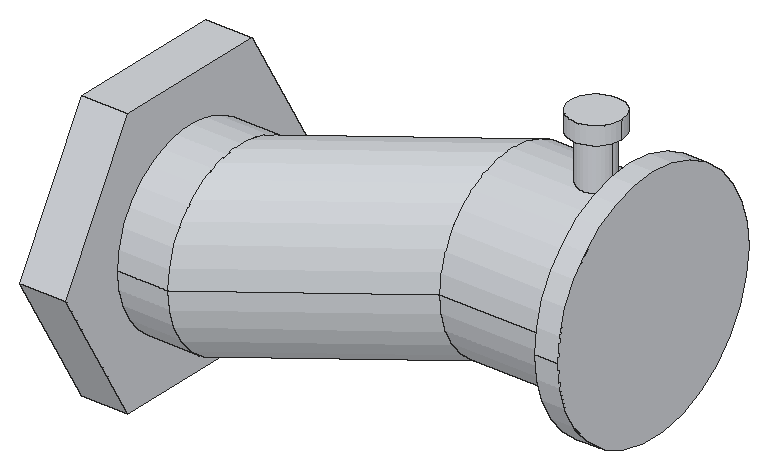
Revit family "d84566316aba4efa8c5ee2770ceb1273", category Conduit Fittings, Revit 2021
Family settings
  Round Connector Dimension = Use Radius
  Part Type = Multi Port
  OmniClass Number = 23.80.30.17.11
  OmniClass Title = Conduits
  Work Plane-Based = No
  Always vertical = Yes
  Cut with Voids When Loaded = No
  Shared = No
Parameters (values of type "Standard")
  Thread Length [instance] = 0.2 * Length  # 0.4"
  Radius 2 [instance] = 0.75 * Length 8  # 0.10045"
  Radius 1 [instance] = 0.5 * Length 8  # 0.06696"
  Offset [instance] = 1/2"
  Nut Thickness [instance] = Fitting Outside Radius / 2  # 23/128"
  Length 9 [instance] = Length 7 * sin(30.00°)  # 39/128"
  Length 8 [instance] = End Outside Diameter / 7  # 0.13393"
  Length 10 [instance] = 0.15 * End Outside Radius  # 9/128"
  End Thickness [instance] = Fitting Outside Radius / 4  # 23/256"
  End Outside Radius [instance] = End Outside Diameter / 2  # 15/32"
  End Outside Diameter [instance] = size_lookup(Conduit Size Lookup, "EOD", 1.22 * Nominal Diameter + 1/4", Nominal Diameter)  # 15/16"
  Nominal Radius [instance] = 1/4"
  Nominal Diameter [instance] = Nominal Radius * 2  # 1/2"
  Length 2 [instance] = 5' 0" + Offset  # 60 1/2"
  Length 6 [instance] = Length / 3  # 0.66667"
  Length 5 [instance] = 0.1 * Length  # 0.2"
  Length 4 [instance] = Length 7 * cos(30.00°)  # 0.52773"
  Length 7 [instance] = 1.3 * End Outside Radius  # 39/64"
  Length 1 [instance] = Length - Thread Length  # 1.6"
  Fitting Outside Radius [instance] = Fitting Outside Diameter / 2  # 23/64"
  Fitting Outside Diameter [instance] = size_lookup(Conduit Size Lookup, "FOD", 1.1 * Nominal Diameter + 13/128", Nominal Diameter)  # 23/32"
  Length [instance] = size_lookup(Conduit Size Lookup, "Lgt", 2.25 * Nominal Diameter + 1 5/256", Nominal Diameter)  # 2"
  Default Elevation = 0' - 0"
  Conduit Size Lookup = "Conduit Offset - Set Screw - Die Cast Zinc"
Reference planes (in)
  plane 1 "Center (Front/Back)": y = 0
  plane 2: z = 0
  plane 3 "Center (Left/Right)": x = 0
  plane 4: x = 0.17969
  plane 5: x = 1.6
  plane 6: x = 0.37969
  plane 7: x = 1.04635
  plane 8: x = 1.51016
  plane 9: y = -60
  plane 10: y = 0.5
  plane 11: x = 1.37623
  plane 12: z = -0.52773
  plane 13: y = 0.60937
  plane 14: y = -0.60938
  plane 15: z = 0.52773
  plane 16: y = 0.30469
  plane 17: y = -0.30469
  plane 18: z = 0.60937
  plane 19: z = 0.53906
Forms (in)
  Sweep 1, solid, detail levels fine
    path in 3D
      loop
        line (1.51016, 0.5, 0) -> (1.6, 0.5, 0)
    profile origin (1.55508, 0.5, 0) x (0, 1, 0) y (0, 0, 1)
      loop
        circle (0, 0) r 0.46875
  Sweep 2, solid, detail levels fine
    path in 3D
      loop
        line (1.04635, 0.5, 0) -> (1.51016, 0.5, 0)
    profile origin (1.27826, 0.5, 0) x (0, 1, 0) y (0, 0, 1)
      loop
        circle (0, 0) r 0.35938
  Sweep 3, solid, detail levels fine
    path in 3D
      loop
        line (0.17969, 0, 0) -> (0.37969, 0, 0)
    profile origin (0.27969, 0, 0) x (0, 1, 0) y (0, 0, 1)
      loop
        circle (0, 0) r 0.35938
  Blend 4, solid, detail levels fine
    base sketch origin (0.37969, 1.01935, 48) x (0, 1, 0) y (0, 0, 1)
      loop
        circle (-1.01935, -48) r 0.35938
    top sketch origin (0.37969, 1.01935, 48) x (0, 1, 0) y (0, 0, 1)
      loop
        circle (-0.51935, -48) r 0.35938
    from 0 to 0.66667
  Extrusion 5, solid, detail levels fine
    sketch origin (0.37969, 1.01935, 48) x (0, 1, 0) y (0, 0, 1)
      loop
        line (-1.32404, -47.47227) -> (-1.62872, -48) -> (-1.32404, -48.52773) -> (-0.71466, -48.52773) -> (-0.40997, -48) -> (-0.71466, -47.47227) -> (-1.32404, -47.47227)
    from -0.37969 to -0.2
  Sweep 6, solid, detail levels fine
    path in 3D
      loop
        line (0, 0, 0) -> (0.17969, 0, 0)
    profile origin (0.08984, 0, 0) x (0, 1, 0) y (0, 0, 1)
      loop
        circle (0, 0) r 0.25
  Extrusion 7, solid, detail levels fine
    sketch origin (0, 0, 0) x (1, 0, 0) y (0, 1, 0)
      loop
        circle (1.37623, 0.5) r 0.10045
    from 0.53906 to 0.60937
  Extrusion 8, solid, detail levels fine
    sketch origin (0, 0, 0) x (1, 0, 0) y (0, 1, 0)
      loop
        circle (1.37623, 0.5) r 0.06696
    from 0 to 0.53906
Cuts and joins
  joined: Sweep 1, Sweep 2, Sweep 3, Blend 4, Extrusion 5, Sweep 6, Extrusion 7, Extrusion 8
Lines and regions (in)
  model lines, detail levels coarse+medium
    curve 1: line (0, 0, 0) -> (0.17969, 0, 0)
    curve 2: line (0.17969, 0, 0) -> (0.37969, 0, 0)
    curve 3: line (0.37969, 0, 0) -> (1.04635, 0.5, 0)
    curve 4: line (1.04635, 0.5, 0) -> (1.51016, 0.5, 0)
    curve 5: line (1.51016, 0.5, 0) -> (1.6, 0.5, 0)
  sketch lines
    curve 6: line (1.51016, 0.5, 0) -> (1.6, 0.5, 0)
    curve 7: line (1.04635, 0.5, 0) -> (1.51016, 0.5, 0)
    curve 8: line (0.17969, 0, 0) -> (0.37969, 0, 0)
    curve 9: line (0, 0, 0) -> (0.17969, 0, 0)
Dimensions and locks (in)
  "Length 5": plane 4 to plane 6
  "Length 6": plane 6 to plane 7
  locked: plane 1 "Center (Front/Back)" to plane 9 at 60
  "Nut Thickness": plane 3 "Center (Left/Right)" to plane 4
  "End Thickness": plane 8 to plane 5
  "Length 2": plane 10 to plane 9
  "Length 1": plane 3 "Center (Left/Right)" to plane 5
  "Length 8": plane 11 to plane 8
  "Length 4": plane 2 to plane 12
  "Length 7": plane 1 "Center (Front/Back)" to plane 14
  "Length 7": plane 13 to plane 1 "Center (Front/Back)"
  "Length 4": plane 15 to plane 2
  "Length 9": plane 1 "Center (Front/Back)" to plane 17
  "Length 9": plane 16 to plane 1 "Center (Front/Back)"
  "Length 7": plane 18 to plane 2
  "Length 10": plane 18 to plane 19
  "End Outside Radius": radius of Sweep 1 sketch curve
  "Fitting Outside Radius": radius of Sweep 2 sketch curve
  "Fitting Outside Radius": radius of Sweep 3 sketch curve
  "Fitting Outside Radius": radius of Blend 4 sketch curve  (x2)
  "Nominal Radius": radius of Sweep 6 sketch curve
  "Radius 2": radius of Extrusion 7 sketch curve
  "Radius 1": radius of Extrusion 8 sketch curve
  aligned and locked: plane 1 "Center (Front/Back)" to curve 1
  aligned and locked: plane 1 "Center (Front/Back)" to curve 2
  aligned and locked: plane 3 "Center (Left/Right)" to curve 1
  aligned and locked: plane 4 to curve 2
  aligned and locked: plane 6 to curve 2
  aligned and locked: plane 7 to curve 4
  aligned and locked: plane 1 "Center (Front/Back)" to curve 3
  aligned and locked: plane 10 to curve 4
  aligned and locked: plane 8 to curve 5
  aligned and locked: curve 5 to plane 10
  aligned and locked: plane 5 to curve 5
  aligned and locked: plane 10 to Sweep 1 sketch curve
  aligned and locked: plane 2 to Sweep 1 sketch curve
  aligned and locked: plane 10 to Sweep 2 sketch curve
  aligned and locked: plane 2 to Sweep 2 sketch curve
  aligned and locked: plane 1 "Center (Front/Back)" to Sweep 3 sketch curve
  aligned and locked: plane 2 to Sweep 3 sketch curve
  aligned and locked: plane 2 to Blend 4 sketch curve  (x2)
  aligned and locked: plane 1 "Center (Front/Back)" to Blend 4 sketch curve
  aligned and locked: plane 10 to Blend 4 sketch curve
  aligned and locked: plane 7 to Blend 4
  aligned and locked: plane 6 to Sweep 3
  aligned and locked: Blend 4 to plane 6
  aligned and locked: plane 4 to Sweep 3  (x2)
  aligned and locked: plane 8 to Sweep 1
  aligned and locked: Sweep 2 to plane 8
  aligned and locked: plane 5 to Sweep 1
  aligned and locked: Extrusion 5 to plane 3 "Center (Left/Right)"
  aligned and locked: plane 4 to Extrusion 5
  aligned and locked: plane 17 to Extrusion 5 sketch curve  (x2)
  aligned and locked: plane 15 to Extrusion 5 sketch curve  (x2)
  aligned and locked: plane 14 to Extrusion 5 sketch curve
  aligned and locked: level to Extrusion 5 sketch curve
  aligned and locked: plane 12 to Extrusion 5 sketch curve
  aligned and locked: plane 16 to Extrusion 5 sketch curve  (x2)
  aligned and locked: Extrusion 5 sketch curve to Extrusion 5 sketch curve
  aligned and locked: plane 2 to Extrusion 5 sketch curve
  aligned and locked: plane 13 to Extrusion 5 sketch curve
  aligned and locked: plane 1 "Center (Front/Back)" to Sweep 6 sketch curve
  aligned and locked: plane 2 to Sweep 6 sketch curve
  aligned and locked: plane 11 to Extrusion 7 sketch curve
  aligned and locked: plane 10 to Extrusion 7 sketch curve
  aligned and locked: Extrusion 7 to plane 19
  aligned and locked: plane 18 to Extrusion 7
  aligned and locked: plane 10 to Extrusion 8 sketch curve
  aligned and locked: plane 11 to Extrusion 8 sketch curve
  aligned and locked: plane 19 to Extrusion 8
  aligned and locked: Extrusion 8 to plane 2
Connectors (in)
  cabletrayconduit at (0, 0, 0), diameter 0.5, driven by "Nominal Radius"
    settings: on Sweep 6, index 1, connector width 1' - 0", connector height 1' - 0", connector angle 0.00°, system type 32, placement type 0, profile type 0, connector reference index 2, is primary connector yes, connector utility param no, connector description ""
  cabletrayconduit at (1.6, 0.5, 0), diameter 0.5, driven by "Nominal Radius"
    settings: on cut or joined group of Sweep 1, Sweep 2, Sweep 3, Blend 4, Extrusion 5, Sweep 6, Extrusion 7, Extrusion 8, index 2, connector width 1' - 0", connector height 1' - 0", connector angle 0.00°, system type 32, placement type 0, profile type 0, connector reference index 1, is primary connector no, connector utility param no, connector description ""
